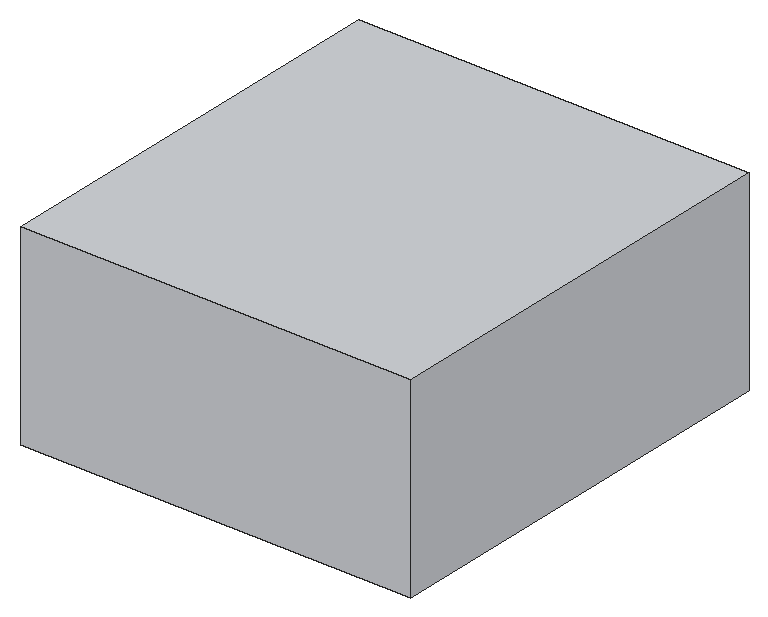
Revit family "LookupTableVoltsHP", category Mechanical Equipment, Revit 2014
Parameters
  Voltage [instance] = 200 V
  Lookup_Table = "TEST"
  Horsepower [instance] = 1.5
  AMPS [instance] = size_lookup(Lookup_Table, "A", 0, Voltage / 1 V, Horsepower) * 1 A  # 6.9 A
Reference planes (in)
  plane 1 "Center (Front/Back)": y = 0
  plane 2: z = 0
  plane 3 "Center (Left/Right)": x = 0
Forms (in)
  Extrusion 1, solid
    sketch origin (0, 0, 0) x (1, 0, 0) y (0, 1, 0)
      loop
        line (-12, -13) -> (12, -13) -> (12, 13) -> (-12, 13) -> (-12, -13)
    from 0 to 12
Dimensions and locks (in)
  aligned and locked: level to plane 2
Connectors (in)
  electrical at (0, 0, 12)
    settings: on Extrusion 1, index 1, voltage 120 V, apparent load 0 kVA, apparent load phase1 100 kVA, apparent load phase2 0 kVA, apparent load phase3 0 kVA, power factor 1, load classification "Other", number of poles 1, system type 31, power factor state 1, is connector primary yes, connector utility no, sub classification motor no, connector description ""
